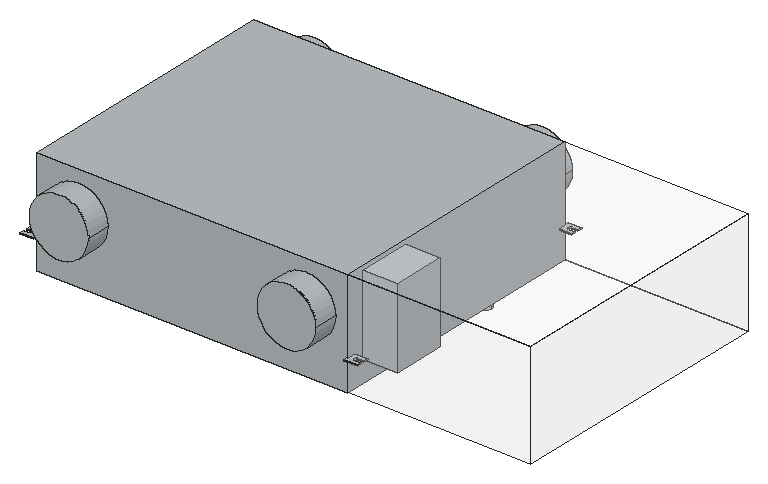
Revit family "lky-50rx_60Hz", category 機械設備, Revit 2019
Family settings
  丸型コネクタ寸法 = 直径を使用
  パーツ タイプ = 標準
  OmniClass 番号 = 23.75.10.34.21
  OmniClass タイトル = Heat Exchangers for Ventilation Air
  作業面ベース = いいえ
  常に垂直 = はい
  ロード時にボイドで切り取り = いいえ
  共有 = いいえ
  部屋計算ポイント = はい
Parameters (values of type "LKY-50RX")
  騒音レベル(dB(A)) = 46
  風量 = 500.0 m³/h
  面風速 = 4.42 m/s
  電源種別 [instance] = "一般"
  電圧 = 100 V
  電動機出力 = 0 W
  集中コントローラ = ""
  運転質量 = 0.00 kg
  連動 [instance] = ""
  質量 = if(製品質量 > 運転質量, 製品質量, 運転質量) * 1.2  # 55.20 kg
  負荷分類 = 3_ファン類
  説明 = "局所用ロスナイ 天井埋込形"
  設計風量 = 0.0 m³/h
  設置方法 = "天井吊(隠ぺい)形"
  記号 [instance] = ""
  製造元 = "MITSIBISHI ELECTRIC"
  製品質量 = 46.00 kg
  製品出荷対象 = "国内"
  製品リリース年月 = "2016/5/20"
  製品グループ = ""
  系統 [instance] = ""
  符号 = "HEU"
  積算_科目 = "1 空気調和設備"
  積算_拾い区分 [instance] = ""
  相 = 1
  盤記号 [instance] = ""
  発停方法 [instance] = "別売リモコン"
  特殊仕様 [instance] = ""
  点検口高さ = -Height  # -346 mm
  点検口離隔 = 150 mm
  点検口_Depth = 450 mm
  点検口 = yes
  火災停止 [instance] = ""
  温度交換効率 = 74.00%
  消費電力 = 312 W
  法定耐用年数 = "15"
  機外静圧_排気 = 210.0 Pa
  機外静圧 = 210.0 Pa
  極数 = 2
  材質 [instance] = ""
  本体マテリアル = 溶融亜鉛めっき鋼板
  操作・制御方式 = ""
  操作・制御スイッチ = ""
  排気量 = 0.0 m³/h
  形式 = "天井埋込ダクト形"
  幹線記号 [instance] = ""
  対象室 [instance] = ""
  実風量 = 0.0 m³/h
  始動方式 [instance] = "直入"
  天吊金具_径 = 6.5 mm
  天吊金具_幅 = 20 mm
  外気量 = 0.0 m³/h
  呼称 = "全熱交換ユニット"
  周波数 = 60 Hz
  天吊金具ピッチ2 = 875 mm
  天吊金具ピッチ1 = 1063 mm
  天吊金具_高さ = 243 mm
  参照している仕様書等のバージョン = ""
  初期抵抗 = 0.0 Pa
  分類コード = "50052504100070"
  分類グループ = ""
  価格 = 372000
  企業コード = "108420"
  付属品_フィルター_還気 = ""
  付属品_フィルター = ""
  付属品 [instance] = ""
  仕様書バージョン = "Version1.0"
  モデル = "LKY-50RX"
  メンテナンススペース = yes
  ドレン管径 = 32 mm
  ドレン管_W = 52 mm
  ドレン管_Height = 44 mm
  ドレン管_D = 254 mm
  コメント [instance] = ""
  Keynote = ""
  エンタルピ交換効率_暖房 = 0.00%
  エンタルピ交換効率_冷房 = 0.00%
  Assembly Code = ""
  Width = 1016 mm
  Version = ""
  Uniclass2015Version = "Systems v1.9"
  Uniclass2015Title = "Thermal wheels"
  Uniclass2015Code = "Pr_60_60_36_88"
  URL = "https://www.mitsubishielectric.co.jp/ldg/wink/ssl/displayProduct.do?pid=266992"
  SpecificationReference = ""
  SpecificationDescription = ""
  Sensor_Width = 50 mm
  Sensor_W = 40 mm
  Sensor_Height = 80 mm
  Sensor_H = 20 mm
  Sensor_Depth = 184 mm
  SAサイズ_D = 192 mm
  Revision = ""
  RAサイズ_D = 192 mm
  ProductInformation = ""
  OmniClassCode = "23-27 23 19 11"
  OAダクト接続口方向_標準 = yes
  OAダクト接続口方向_変更 = not(OAダクト接続口方向_標準)  # no
  OAサイズ_W = 0 mm
  OAサイズ_D = 192 mm
  MIN風量 = 300.0 m³/h
  MIN静圧 = 65.0 Pa
  MID風量 = 500.0 m³/h
  MID静圧 = 150.0 Pa
  MAX風量 = 500.0 m³/h
  MAX静圧 = 210.0 Pa
  IfcTypeProduct = ""
  IfcProduct = ""
  IfcExportType = "ROTARYWHEEL"
  IfcExportAs = "IfcAirToAirHeatRecoveryType"
  Height = 346 mm
  EAダクト接続口方向_変更 = not(EAダクト接続口方向_標準)  # no
  EAダクト接続口方向_標準 = yes
  EAサイズ_W = 0 mm
  EAサイズ_D = 192 mm
  Duct_Pitch = 745 mm
  Duct_Height = 135 mm
  Duct_Depth = 79 mm
  Duct_Change_Center = 124 mm
  Depth = 888 mm
  Clearance Top = Height  # 346 mm
  Clearance Left = 600 mm
  Box_Width = 115 mm
  Box_Height = 262 mm
  Box_H = 12 mm
  Box_Depth = 172 mm
  Box_D = 60 mm
  Author = "MITSUBISHI ELECTRIC"
Reference planes
  plane 1 "中心(正面/背面)": y = 0
  plane 2: z = 0
  plane 3 "中心(左/右)": x = 0
  plane 4: x = -508
  plane 5: x = 508
  plane 6: y = 444
  plane 7: y = -444
  plane 8: z = -346
  plane 9: z = -135
  plane 10: x = -372.5
  plane 11: x = 372.5
  plane 12: y = -523
  plane 13: y = 523
  plane 14: y = 320
  plane 15: x = -587
  plane 16: x = 587
  plane 17: y = -384
  plane 18: y = -212
  plane 19: z = -12
  plane 20: z = -274
  plane 21: x = -531.5
  plane 22: x = 531.5
  plane 23: y = 437.5
  plane 24: y = -437.5
  plane 25: x = -551.5
  plane 26: y = 457.5
  plane 27: y = 417.5
  plane 28: y = -417.5
  plane 29: y = -457.5
  plane 30: z = -5
  plane 31: z = -243
  plane 32: z = -246
  plane 33: x = 551.5
  plane 34: x = 623
  plane 35: x = 1108
  plane 36: x = 658
  plane 37: y = 225
  plane 38: y = -225
  plane 39: x = 456
  plane 40: y = 190
  plane 41: z = -390
Forms (mm)
  Extrusion 1, solid, material "溶融亜鉛めっき鋼板" <- "本体マテリアル", detail levels fine
    sketch origin (0, 0, 0) x (1, 0, 0) y (0, 1, 0)
      loop
        line (-508, 444) -> (-508, -444) -> (508, -444) -> (508, 444) -> (-508, 444)
    from 0 to -346
  Extrusion 2, solid, material "溶融亜鉛めっき鋼板" <- "本体マテリアル", detail levels fine
    sketch origin (510, -445, 0) x (-1, 0, 0) y (0, 0, -1)
      loop
        circle (137.5, 135) r 96
    from -1 to 78
  Extrusion 3, solid, material "溶融亜鉛めっき鋼板" <- "本体マテリアル", detail levels fine
    sketch origin (-508, -444, 0) x (0, 1, 0) y (0, 0, -1)
      loop
        line (232, 12) -> (232, 274) -> (60, 274) -> (60, 12) -> (232, 12)
    from -1131 to -1016
  Extrusion 4, solid, material "溶融亜鉛めっき鋼板" <- "本体マテリアル", detail levels fine
    sketch origin (0, 0, 0) x (1, 0, 0) y (0, 1, 0)
      loop
        line (-551.5, 457.5) -> (-551.5, 444) -> (-531.5, 444)
        arc (-531.5, 444) -> (-525, 437.5) -> (-531.5, 431) r 6.5
        line (-531.5, 431) -> (-551.5, 431) -> (-551.5, 417.5) -> (-508, 417.5) -> (-508, 457.5) -> (-551.5, 457.5)
    from -243 to -246
  Extrusion 5, solid, material "溶融亜鉛めっき鋼板" <- "本体マテリアル", detail levels fine
    sketch origin (0, 0, 0) x (1, 0, 0) y (0, 1, 0)
      loop
        line (-551.5, -457.5) -> (-508, -457.5) -> (-508, -417.5) -> (-551.5, -417.5) -> (-551.5, -431) -> (-531.5, -431)
        arc (-531.5, -431) -> (-525, -437.5) -> (-531.5, -444) r 6.5
        line (-531.5, -444) -> (-551.5, -444) -> (-551.5, -457.5)
    from -243 to -246
  Extrusion 6, solid, material "溶融亜鉛めっき鋼板" <- "本体マテリアル", detail levels fine
    sketch origin (0, 0, 0) x (-1, 0, 0) y (0, -1, 0)
      loop
        line (-551.5, 457.5) -> (-551.5, 444) -> (-531.5, 444)
        arc (-531.5, 444) -> (-525, 437.5) -> (-531.5, 431) r 6.5
        line (-531.5, 431) -> (-551.5, 431) -> (-551.5, 417.5) -> (-508, 417.5) -> (-508, 457.5) -> (-551.5, 457.5)
    from -243 to -246
  Extrusion 7, solid, material "溶融亜鉛めっき鋼板" <- "本体マテリアル", detail levels fine
    sketch origin (0, 0, 0) x (-1, 0, 0) y (0, -1, 0)
      loop
        line (-551.5, -457.5) -> (-508, -457.5) -> (-508, -417.5) -> (-551.5, -417.5) -> (-551.5, -431) -> (-531.5, -431)
        arc (-531.5, -431) -> (-525, -437.5) -> (-531.5, -444) r 6.5
        line (-531.5, -444) -> (-551.5, -444) -> (-551.5, -457.5)
    from -243 to -246
  Extrusion 8, solid, material "溶融亜鉛めっき鋼板" <- "本体マテリアル", visible <- "OAダクト接続口方向_標準", detail levels fine
    sketch origin (510, 445, 0) x (-1, 0, 0) y (0, 0, 1)
      loop
        circle (137.5, -135) r 96
    from -1 to 78
  Extrusion 9, solid, material "溶融亜鉛めっき鋼板" <- "本体マテリアル", visible <- "EAダクト接続口方向_標準", detail levels fine
    sketch origin (-510, 445, 0) x (1, 0, 0) y (0, 0, -1)
      loop
        circle (137.5, 135) r 96
    from -1 to 78
  Extrusion 10, solid, material "溶融亜鉛めっき鋼板" <- "本体マテリアル", detail levels fine
    sketch origin (-510, -445, 0) x (1, 0, 0) y (0, 0, 1)
      loop
        circle (137.5, -135) r 96
    from -1 to 78
  Extrusion 11, solid, material "溶融亜鉛めっき鋼板" <- "本体マテリアル", visible <- "OAダクト接続口方向_変更", detail levels fine
    sketch origin (0, 0, 0) x (0, 1, 0) y (0, 0, 1)
      loop
        circle (320, -135) r 96
    from 508 to 587
  Extrusion 12, solid, material "溶融亜鉛めっき鋼板" <- "本体マテリアル", visible <- "EAダクト接続口方向_変更", detail levels fine
    sketch origin (0, 0, 0) x (0, 1, 0) y (0, 0, -1)
      loop
        circle (320, 135) r 96
    from 508 to 587
  Extrusion 13, solid, material "溶融亜鉛めっき鋼板"
    sketch origin (0, 0, 0) x (1, 0, 0) y (0, 1, 0)
      loop
        circle (456, 190) r 16
    from -390 to -346
Lines and regions (mm)
  Masking region 1, detail levels coarse+medium
    outline origin (1326.5, 29, 0) x (1, 0, 0) y (0, 1, 0)
      loop
        line (-1834.5, 415) -> (-1834.5, -473) -> (-818.5, -473) -> (-818.5, 415) -> (-1834.5, 415)
  symbolic lines, detail levels coarse+medium
    curve 1: line (0, 444, 0) -> (-508, 0, 0)
    curve 2: line (-508, 0, 0) -> (0, -444, 0)
    curve 3: line (0, -444, 0) -> (508, 0, 0)
    curve 4: line (508, 0, 0) -> (0, 444, 0)
Dimensions and locks
  equal spacing: plane 4, plane 3 "中心(左/右)", plane 5
  "Width": plane 4 to plane 5
  equal spacing: plane 6, plane 1 "中心(正面/背面)", plane 7
  "Depth": plane 6 to plane 7
  "Height": level to plane 8
  "Duct_Height": level to plane 9
  equal spacing: plane 11, plane 3 "中心(左/右)", plane 10
  "Duct_Pitch": plane 11 to plane 10
  "Duct_Depth": plane 13 to plane 6
  "Duct_Depth": plane 7 to plane 12
  "Duct_Change_Center": plane 6 to plane 14
  "Duct_Depth": plane 5 to plane 16
  "Duct_Depth": plane 15 to plane 4
  "Clearance Top": nested 1 to plane 8
  "Box_H": level to plane 19
  "Box_Height": plane 19 to plane 20
  "Box_D": plane 17 to plane 7
  "Box_Depth": plane 18 to plane 17
  equal spacing: plane 21, plane 3 "中心(左/右)", plane 22
  "天吊金具ピッチ1": plane 21 to plane 22
  equal spacing: plane 23, plane 1 "中心(正面/背面)", plane 24
  "天吊金具ピッチ2": plane 23 to plane 24
  equal spacing: plane 26, plane 23, plane 27
  locked: plane 26 to plane 27 at 40
  "天吊金具_幅": plane 25 to plane 21
  "天吊金具_高さ": level to plane 31
  locked: plane 31 to plane 32 at 3
  equal spacing: plane 28, plane 24, plane 29
  locked: plane 28 to plane 29 at 40
  "天吊金具_幅": plane 22 to plane 33
  "Box_Width": plane 5 to plane 34
  "Clearance Left": plane 5 to plane 35
  "点検口離隔": plane 5 to plane 36
  plane 37 to plane 38 = 450 mm
  "点検口_Depth": plane 37 to plane 38
  "ドレン管_W": plane 39 to plane 5
  "天吊金具_径": Extrusion 4 sketch curve to plane 23
  "天吊金具_径": Extrusion 7 sketch curve to plane 23
  "天吊金具_径": plane 24 to Extrusion 6 sketch curve
  "天吊金具_径": Extrusion 5 sketch curve to plane 24
  "ドレン管_Height": plane 8 to plane 41
  "ドレン管_D": plane 6 to plane 40
  "RAサイズ_D": diameter of Extrusion 2 sketch curve
  "天吊金具_径": radius of Extrusion 5 sketch curve
  "天吊金具_径": radius of Extrusion 6 sketch curve
  "OAサイズ_D": diameter of Extrusion 8 sketch curve
  "EAサイズ_D": diameter of Extrusion 9 sketch curve
  "SAサイズ_D": diameter of Extrusion 10 sketch curve
  "OAサイズ_D": diameter of Extrusion 11 sketch curve
  "EAサイズ_D": diameter of Extrusion 12 sketch curve
  "ドレン管径": diameter of Extrusion 13 sketch curve
  "天吊金具_径": radius of Extrusion 4 sketch curve
  "天吊金具_径": radius of Extrusion 7 sketch curve
  aligned and locked: level to plane 2
  aligned and locked: Extrusion 1 to plane 8
  aligned and locked: plane 7 to Extrusion 2
  aligned and locked: Extrusion 2 to plane 12
  aligned and locked: nested 1 to plane 6
  aligned and locked: nested 1 to plane 7
  aligned and locked: plane 2 to nested 1
  aligned and locked: nested 1 to plane 8
  aligned and locked: Masking region 1 to plane 4
  aligned and locked: plane 5 to Masking region 1
  aligned and locked: plane 6 to Masking region 1
  aligned and locked: Masking region 1 to plane 7
  aligned and locked: plane 22 to nested 2
  aligned and locked: plane 21 to nested 2
  aligned and locked: nested 2 to plane 24
  aligned and locked: plane 23 to nested 2
  aligned and locked: Extrusion 3 to plane 18
  aligned and locked: Extrusion 3 to plane 20
  aligned and locked: plane 19 to Extrusion 3
  aligned and locked: plane 17 to Extrusion 3
  aligned and locked: plane 4 to Extrusion 4
  aligned and locked: Extrusion 4 to plane 25  (x2)
  aligned and locked: plane 26 to Extrusion 4
  aligned and locked: Extrusion 4 to plane 31
  aligned and locked: Extrusion 4 to plane 32
  aligned and locked: plane 4 to Extrusion 5
  aligned and locked: plane 28 to Extrusion 5
  aligned and locked: Extrusion 5 to plane 29
  aligned and locked: Extrusion 5 to plane 25  (x2)
  aligned and locked: Extrusion 5 to Extrusion 4  (x2)
  aligned and locked: Extrusion 7 to plane 33  (x2)
  aligned and locked: Extrusion 7 to plane 27
  aligned and locked: plane 26 to Extrusion 7
  aligned and locked: Extrusion 6 to plane 33
  aligned and locked: Extrusion 6 to plane 29
  aligned and locked: Extrusion 6 to plane 5
  aligned and locked: plane 28 to Extrusion 6
  aligned and locked: Extrusion 6 to plane 32
  aligned and locked: plane 31 to Extrusion 6
  aligned and locked: Extrusion 7 to plane 32
  aligned and locked: plane 31 to Extrusion 7
  aligned and locked: plane 13 to Extrusion 8
  aligned and locked: Extrusion 8 to plane 6
  aligned and locked: plane 13 to Extrusion 9
  aligned and locked: Extrusion 9 to plane 6
  aligned and locked: Extrusion 10 to plane 12
  aligned and locked: plane 7 to Extrusion 10
  aligned and locked: plane 16 to Extrusion 11
  aligned and locked: Extrusion 11 to plane 5
  aligned and locked: plane 4 to Extrusion 12
  aligned and locked: Extrusion 12 to plane 15
  aligned and locked: Extrusion 3 to plane 34
  aligned and locked: Extrusion 3 to plane 5
  aligned and locked: nested 3 to plane 35
  aligned and locked: nested 3 to plane 36
  aligned and locked: nested 3 to plane 38
  aligned and locked: plane 37 to nested 3
  aligned and locked: nested 1 to plane 35
  aligned and locked: plane 5 to nested 1
  aligned and locked: Extrusion 13 to plane 41
  aligned and locked: Extrusion 13 to Extrusion 1
  aligned and locked: Extrusion 1 to plane 4
Automatic sketch dimensions
  Extrusion 2 sketch curve to plane 9 = 0 mm
  Extrusion 2 sketch curve to plane 11 = 0 mm
  Extrusion 8 sketch curve to plane 9 = 0 mm
  Extrusion 8 sketch curve to plane 11 = 0 mm
  Extrusion 9 sketch curve to plane 9 = 0 mm
  Extrusion 9 sketch curve to plane 10 = 0 mm
  Extrusion 10 sketch curve to plane 9 = 0 mm
  Extrusion 10 sketch curve to plane 10 = 0 mm
  Extrusion 11 sketch curve to plane 9 = 0 mm
  Extrusion 11 sketch curve to plane 14 = 0 mm
  Extrusion 12 sketch curve to plane 9 = 0 mm
  Extrusion 12 sketch curve to plane 14 = 0 mm
  plane 1 "中心(正面/背面)" to curve 1 = 0 mm
  curve 1 to plane 4 = 0 mm
  curve 2 to plane 3 "中心(左/右)" = 0 mm
  curve 4 to plane 3 "中心(左/右)" = 0 mm
  plane 1 "中心(正面/背面)" to curve 4 = 0 mm
  curve 4 to plane 5 = 0 mm
  curve 2 to plane 7 = 0 mm
  curve 4 to plane 6 = 0 mm
  plane 4 to Extrusion 1 sketch curve = 0 mm
  Extrusion 1 sketch curve to plane 5 = 0 mm
  Extrusion 1 sketch curve to plane 7 = 0 mm
  Extrusion 1 sketch curve to plane 6 = 0 mm
  Extrusion 1 to Extrusion 3 sketch curve = 12 mm
  Extrusion 3 sketch curve to Extrusion 1 = 60 mm
  Extrusion 1 to Extrusion 3 sketch curve = 72 mm
  Extrusion 3 sketch curve to Extrusion 3 sketch curve = 172 mm
  Masking region 1 sketch curve to plane 4 = 0 mm
  Masking region 1 sketch curve to plane 5 = 0 mm
  Masking region 1 sketch curve to plane 7 = 0 mm
  Masking region 1 sketch curve to plane 6 = 0 mm
  Extrusion 4 sketch curve to plane 25 = 0 mm  (x2)
  Extrusion 4 sketch curve to plane 21 = 0 mm
  Extrusion 4 sketch curve to plane 4 = 0 mm
  Extrusion 4 sketch curve to plane 27 = 0 mm
  Extrusion 4 sketch curve to plane 26 = 0 mm
  Extrusion 5 sketch curve to plane 25 = 0 mm  (x2)
  Extrusion 5 sketch curve to plane 21 = 0 mm
  Extrusion 5 sketch curve to plane 4 = 0 mm
  Extrusion 5 sketch curve to plane 28 = 0 mm
  Extrusion 5 sketch curve to plane 29 = 0 mm
  Extrusion 6 sketch curve to plane 29 = 0 mm
  Extrusion 6 sketch curve to plane 33 = 0 mm  (x2)
  Extrusion 6 sketch curve to plane 22 = 0 mm
  Extrusion 6 sketch curve to plane 5 = 0 mm
  Extrusion 6 sketch curve to plane 28 = 0 mm
  Extrusion 7 sketch curve to plane 26 = 0 mm
  Extrusion 7 sketch curve to plane 33 = 0 mm  (x2)
  Extrusion 7 sketch curve to plane 22 = 0 mm
  Extrusion 7 sketch curve to plane 5 = 0 mm
  Extrusion 7 sketch curve to plane 27 = 0 mm
  Extrusion 13 sketch curve to plane 39 = 0 mm
  Extrusion 13 sketch curve to plane 40 = 0 mm
Nested families
  nested 1: "メンテナンススペース" at (808, 0, -173), visible <- "メンテナンススペース", type "メンテナンススペース"
    with Width 600 mm, Height 346 mm, Depth 888 mm
  nested 2: "固定点" at (-531.5, -437.5, 0), type "固定点"
    with W 1063 mm, D 875 mm
  nested 3: "点検口設置範囲" at (883, 0, -346), built-in parameter 1001364 <- "点検口高さ", visible <- "点検口", type "点検口設置範囲"
    with Width 450 mm, Depth 450 mm
Connectors
  hvac at (372.5, -523, -135), driven by "RAサイズ_D", driven by "機外静圧", driven by "風量"
    settings: on Extrusion 2, index 2, duct flow 500.0 m³/h, flow factor 0, pres drop 210.0 Pa, loss coef 0, conn angle 0.00°, conn width 304.8 mm, conn height 304.8 mm, conn diameter 192 mm, duct sys type 1, conn prof type 0, flow config 0, flow direction 2, loss method 4, conn ref index -1, conn util no, is conn primary yes, conn desc ""
  electrical at (565.5, -384, -143), driven by "負荷分類", driven by "相", driven by "電圧", driven by "消費電力"
    settings: on Extrusion 3, index 7, voltage 100 V, apparent load 312 VA, apparent load phase1 0 VA, apparent load phase2 0 VA, apparent load phase3 0 VA, power factor 1, load classification "3_ファン類", number of poles 1, system type 30, power factor state 1, is connector primary yes, connector utility no, sub classification motor no, connector description ""
  hvac at (372.5, 523, -135), driven by "EAサイズ_D", driven by "排気量", driven by "機外静圧_排気"
    settings: on Extrusion 8, index 8, duct flow 0.0 m³/h, flow factor 0, pres drop 210.0 Pa, loss coef 0, conn angle 0.00°, conn width 304.8 mm, conn height 304.8 mm, conn diameter 192 mm, duct sys type 4, conn prof type 0, flow config 0, flow direction 1, loss method 4, conn ref index -1, conn util no, is conn primary no, conn desc ""
  hvac at (-372.5, 523, -135), driven by "OAサイズ_D", driven by "外気量", driven by "機外静圧"
    settings: on Extrusion 9, index 9, duct flow 0.0 m³/h, flow factor 0, pres drop 210.0 Pa, loss coef 0, conn angle 0.00°, conn width 304.8 mm, conn height 304.8 mm, conn diameter 192 mm, duct sys type 3, conn prof type 0, flow config 0, flow direction 2, loss method 4, conn ref index -1, conn util no, is conn primary no, conn desc ""
  hvac at (-372.5, -523, -135), driven by "SAサイズ_D", driven by "風量", driven by "機外静圧"
    settings: on Extrusion 10, index 10, duct flow 500.0 m³/h, flow factor 0, pres drop 210.0 Pa, loss coef 0, conn angle 0.00°, conn width 304.8 mm, conn height 304.8 mm, conn diameter 192 mm, duct sys type 2, conn prof type 0, flow config 0, flow direction 1, loss method 4, conn ref index -1, conn util no, is conn primary no, conn desc ""
  hvac at (587, 320, -135), driven by "EAサイズ_D", driven by "機外静圧_排気", driven by "排気量"
    settings: on Extrusion 11, index 11, duct flow 0.0 m³/h, flow factor 0, pres drop 210.0 Pa, loss coef 0, conn angle 0.00°, conn width 304.8 mm, conn height 304.8 mm, conn diameter 192 mm, duct sys type 4, conn prof type 0, flow config 0, flow direction 1, loss method 4, conn ref index -1, conn util no, is conn primary no, conn desc ""
  hvac at (-587, 320, -135), driven by "EAサイズ_D", driven by "機外静圧", driven by "外気量"
    settings: on Extrusion 12, index 12, duct flow 0.0 m³/h, flow factor 0, pres drop 210.0 Pa, loss coef 0, conn angle 0.00°, conn width 304.8 mm, conn height 304.8 mm, conn diameter 192 mm, duct sys type 3, conn prof type 0, flow config 0, flow direction 2, loss method 4, conn ref index -1, conn util no, is conn primary no, conn desc ""
  piping at (456, 190, -390), diameter 32, driven by "ドレン管径"
    settings: on Extrusion 13, index 13, connector inside diameter 609.6 mm, connector length 0 mm, flow factor 0, pipe flow 0.0 L/s, pressure drop 0.0 Pa, fitting loss kfactor 0, connector angle 0.00°, fixture units 0, engagement length 0 mm, angle of deflection 0.00°, flow configuration 0, flow direction 2, fitting loss method 4, system type 16, joint type 0, gender type 0, connector reference index -1, connector utility 0, adjustable connector no, is connector primary yes, connector description ""
Definition of nested family "メンテナンススペース"
  Parameters (values of type "メンテナンススペース")
    Width [instance] = 500 mm
    Height [instance] = 500 mm
    Depth [instance] = 500 mm
  Reference planes
    plane 1 "中心(正面/背面)": y = 0
    plane 2: z = 0
    plane 3 "中心(左/右)": x = 0
    plane 4: y = -250
    plane 5: x = 250
    plane 6: y = 250
    plane 7: x = -250
    plane 8: z = 250
    plane 9: z = -250
  Forms (mm)
    Extrusion 1, solid
      sketch origin (-638.939, 0, 72.39) x (1, 0, 0) y (0, 1, 0)
        loop
          line (388.939, 250) -> (388.939, -250) -> (888.939, -250) -> (888.939, 250) -> (388.939, 250)
      from -322.39 to 177.61
  Lines and regions (mm)
    symbolic lines
      curve 1: line (-250, 0, 250) -> (250, 0, 250)
      curve 2: line (-250, 0, -250) -> (-250, 0, 250)
      curve 3: line (250, 0, -250) -> (-250, 0, -250)
      curve 4: line (250, 0, 250) -> (250, 0, -250)
      curve 5: line (0, -250, 250) -> (0, 250, 250)
      curve 6: line (0, -250, -250) -> (0, -250, 250)
      curve 7: line (0, 250, -250) -> (0, -250, -250)
      curve 8: line (0, 250, 250) -> (0, 250, -250)
      curve 9: line (-250, 250, 0) -> (250, 250, 0)
      curve 10: line (-250, -250, 0) -> (-250, 250, 0)
      curve 11: line (250, -250, 0) -> (-250, -250, 0)
      curve 12: line (250, 250, 0) -> (250, -250, 0)
  Dimensions and locks
    equal spacing: plane 7, plane 3 "中心(左/右)", plane 5
    equal spacing: plane 4, plane 1 "中心(正面/背面)", plane 6
    "Depth": plane 4 to plane 6
    "Width": plane 7 to plane 5
    equal spacing: plane 8, plane 2, plane 9
    "Height": plane 8 to plane 9
    aligned and locked: plane 9 to curve 3
    aligned and locked: plane 7 to curve 2
    aligned and locked: curve 4 to plane 5
    aligned and locked: plane 5 to Extrusion 1
    aligned and locked: Extrusion 1 to plane 7
    aligned and locked: Extrusion 1 to plane 9
    aligned and locked: plane 8 to Extrusion 1
    aligned and locked: plane 9 to curve 7
  Automatic sketch dimensions
    plane 4 to Extrusion 1 sketch curve = 0 mm
    Extrusion 1 sketch curve to plane 7 = 0 mm
    Extrusion 1 sketch curve to plane 5 = 0 mm
    plane 6 to Extrusion 1 sketch curve = 0 mm
    curve 2 to plane 8 = 0 mm
    plane 4 to curve 11 = 0 mm
    curve 11 to plane 7 = 0 mm
    curve 11 to plane 5 = 0 mm
    plane 6 to curve 10 = 0 mm
    curve 7 to plane 4 = 0 mm
    curve 7 to plane 6 = 0 mm
    curve 6 to plane 8 = 0 mm
Definition of nested family "固定点"
  Parameters (values of type "固定点")
    中心円 = 20 mm
    W [instance] = 1000 mm
    D [instance] = 1000 mm
  Reference planes
    plane 1 "中心(正面/背面)": y = 0
    plane 2: z = 0
    plane 3 "中心(左/右)": x = 0
    plane 4: x = 1000
    plane 5: y = 1000
  Lines and regions (mm)
    symbolic lines, detail levels fine
      curve 1: circle (0, 1000, 0) r 10 normal (0, 0, 1)
      curve 2: circle (0, 0, 0) r 10 normal (0, 0, 1)
      curve 3: circle (1000, 1000, 0) r 10 normal (0, 0, 1)
      curve 4: circle (1000, 0, 0) r 10 normal (0, 0, 1)
      curve 5: line (-200, 1000, 0) -> (1200, 1000, 0)
      curve 6: line (-200, 0, 0) -> (1200, 0, 0)
      curve 7: line (0, 1200, 0) -> (0, -200, 0)
      curve 8: line (1000, 1200, 0) -> (1000, -200, 0)
  Dimensions and locks
    "W": plane 3 "中心(左/右)" to plane 4
    "D": plane 1 "中心(正面/背面)" to plane 5
    "中心円": diameter of curve 1
    "中心円": diameter of curve 2
    "中心円": diameter of curve 3
    "中心円": diameter of curve 4
    aligned and locked: level to plane 2
    aligned and locked: plane 5 to curve 1
    aligned and locked: plane 3 "中心(左/右)" to curve 1
    aligned and locked: plane 3 "中心(左/右)" to curve 2
    aligned and locked: plane 1 "中心(正面/背面)" to curve 2
    aligned and locked: plane 4 to curve 3
    aligned and locked: plane 5 to curve 3
    aligned and locked: plane 1 "中心(正面/背面)" to curve 4
    aligned and locked: plane 4 to curve 4
    aligned and locked: plane 1 "中心(正面/背面)" to curve 6
    aligned and locked: curve 7 to plane 3 "中心(左/右)"
    aligned and locked: curve 8 to plane 4
  Automatic sketch dimensions
    curve 5 to plane 5 = 0 mm
    curve 6 to plane 3 "中心(左/右)" = 200 mm
    curve 5 to plane 3 "中心(左/右)" = 200 mm
    curve 4 to curve 6 = 200 mm
    curve 3 to curve 5 = 200 mm
    plane 1 "中心(正面/背面)" to curve 8 = 200 mm
    plane 1 "中心(正面/背面)" to curve 7 = 200 mm
    curve 3 to curve 8 = 200 mm
    curve 1 to curve 7 = 200 mm
Definition of nested family "点検口設置範囲"
  Parameters (values of type "点検口設置範囲")
    Width [instance] = 1000 mm
    Depth [instance] = 700 mm
  Reference planes
    plane 1 "中心(正面/背面)": y = 0
    plane 2: z = 0
    plane 3 "中心(左/右)": x = 0
    plane 4: x = -500
    plane 5: x = 500
    plane 6: y = -350
    plane 7: y = 350
  Lines and regions (mm)
    model lines
      curve 1: line (-500, 350, 0) -> (500, 350, 0)
      curve 2: line (-500, -350, 0) -> (-500, 350, 0)
      curve 3: line (500, -350, 0) -> (-500, -350, 0)
      curve 4: line (500, 350, 0) -> (500, -350, 0)
  Dimensions and locks
    "Depth": plane 7 to plane 6
    "Width": plane 4 to plane 5
    equal spacing: plane 7, plane 1 "中心(正面/背面)", plane 6
    equal spacing: plane 4, plane 3 "中心(左/右)", plane 5
    aligned and locked: level to plane 2
    aligned and locked: plane 4 to curve 2
    aligned and locked: curve 1 to plane 7
    aligned and locked: curve 4 to plane 5
    aligned and locked: plane 6 to curve 3
